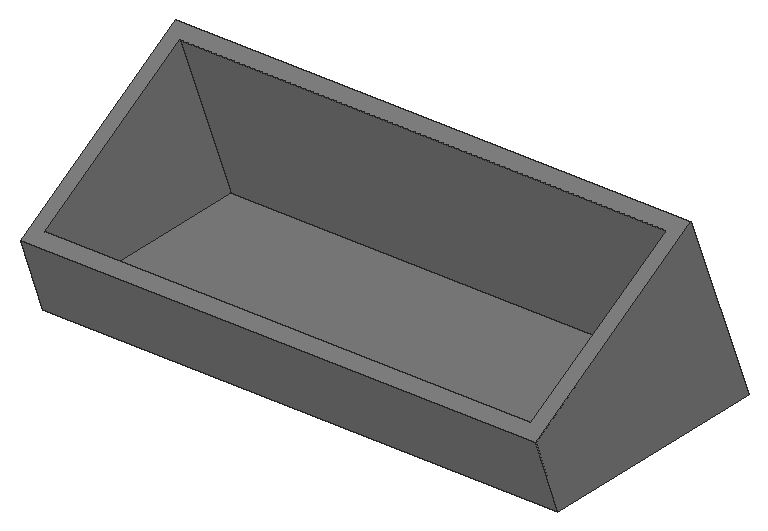
Revit family "Domotics-DomesticRanges-GEWISS-CHORUS_CONTAINER_INSTRUMENT_BLACK", category Apparecchi elettrici, Revit 2016
Family settings
  Mantenere orientamento annotazione = No
  Tipo di parte = Normale
  Quota connettore circolare = Usa diametro
  Basato su piano di lavoro = No
  Sempre verticale = Sì
  Taglio con vuoti quando caricato = No
  Condiviso = No
  Punto di calcolo locali = No
Parameters (values of type "GW16866 - Table plate 6P Black")
  Version file RFA = "18.0"
  URL = "https://www.gewiss.com/ww/en"
  Torque screws tightening = "0,8NM"
  Thermo-pressure with ball = "70 °C"
  Technical sheet = "https://www.gewiss.com/ww/en/search?q=GW16866"
  Support = "GW16806"
  Suitable for plates = "ONE"
  Standard; = "EN 60670-1"
  Standard = "EN 60670-1"
  SEO = "Panel"
  Realized by GEWISS S.p.A. = ""
  Produttore = "GEWISS S.p.A."
  Outer dim. LxHxD (mm) = "181x90x69"
  Modello = "GW16866"
  Materiale_ = GEWISS NERO
  Material = "Rectangular"
  Larghezza = 181 mm
  Immagine tipo = GW16864.jpg
  IFC.TypeObject = ""
  IFC.ExportType = ""
  IFC.ExportAs = ""
  IDT = "285ffd39-813f-4bf7-a378-0da872310e95"
  IDF = "44767252-c965-40fb-be1e-8c35ed1d6c89"
  Glow wire test: = "650 °C"
  Glow Wire Test = "650 °C"
  Electrocod = "0122"
  EAN code = "8011564279445"
  Descrizione = "TABLE AND WALL PLATE, 6-GANG, BLACK"
  Description: = "6 gang"
  Colour = "Black"
  Catalogue Range = "CHORUS - DOMESTIC RANGE"
  Catalogue = "DOMOTICS"
  COBie.Tagnumber = ""
  COBie.CreatedOn = ""
  COBie.CreatebBy = ""
  COBie.ComponentRegisterItemID = ""
  COBie.Component.TagNumber = ""
  COBie.Component.Space = ""
  COBie.Component.SerialNumber = ""
  COBie.Component.InstallationDate = ""
  COBie.Component.Description = ""
  COBie.Component.BarCode = ""
Types (2, lengths in mm): name | Technical sheet | Support | Outer dim. LxHxD (mm) | Modello | Larghezza | IDT | EAN code | Descrizione | Description:
  GW16864 - Table plate 4P Black | "https://www.gewiss.com/ww/en/search?q=GW16864" | "GW16804" | "140x90x69" | "GW16864" | 140 | "91a9bd12-b0c6-4be7-994f-ada0cb471015" | "8011564278103" | "TABLE AND WALL PLATE, 4-GANG, BLACK" | "4 gang"
  GW16866 - Table plate 6P Black | "https://www.gewiss.com/ww/en/search?q=GW16866" | "GW16806" | "181x90x69" | "GW16866" | 181 | "285ffd39-813f-4bf7-a378-0da872310e95" | "8011564279445" | "TABLE AND WALL PLATE, 6-GANG, BLACK" | "6 gang"
Reference planes
  plane 1 "Centro (Fronte/Retro)": y = 0
  plane 2: z = 0
  plane 3 "Centro (Sinistra/Destra)": x = 0
  plane 4: y = 50
  plane 5: y = -50
  plane 6: x = -90.5
  plane 7: x = 90.5
  plane 8: y = -40
  plane 9: z = 67
  plane 10: through (0, -28.82, 1.792) normal (0, 0.9336, 0.3584)
  plane 11: z = 5
  plane 12: through (0, 20.134, 63.852) normal (0, -0.9336, -0.3584)
  plane 13: x = -85.5
  plane 14: x = 85.5
Forms (mm)
  Sweep 1, solid, material "GEWISS NERO" <- "Materiale_"
    path in 3D
      loop
        line (0, 0, 59.924) -> (0, 30.527, -19.603)
    profile origin (0, 15.264, 20.161) x (0, 0.93358, 0.358368) y (1, 0, 0)
      loop
        line (-52.738, 90.5) -> (-52.738, -90.5) -> (25.204, -90.5) -> (25.204, 90.5) -> (-52.738, 90.5)
  Extrusion 2, void
    sketch origin (0, 0, 0) x (0, 1, 0) y (0, 0, 1)
      loop
        line (36.25, 72.253) -> (21.25, 98.234) -> (-87.441, 35.481) -> (-72.441, 9.5) -> (36.25, 72.253)
    from -187.573 to 250
  Extrusion 3, void
    sketch origin (0, 0, 0) x (1, 0, 0) y (0, 1, 0)
      loop
        line (-90.5, 85) -> (-90.5, -70) -> (90.5, -70) -> (90.5, 85) -> (-90.5, 85)
    from -119.131 to 0
  Extrusion 4, void
    sketch origin (0, 0, 0) x (0, 1, 0) y (0, 0, 1)
      loop
        line (18.925, 67) -> (-53.851, 67) -> (-30.051, 5) -> (42.725, 5) -> (18.925, 67)
    from -85.5 to 85.5
Cuts and joins
  Extrusion 2, Extrusion 3, Extrusion 4 cuts Sweep 1
Lines and regions (mm)
  sketch lines
    curve 1: line (0, 0, 59.924) -> (0, 30.527, -19.603)
Dimensions and locks
  equal spacing: plane 4, plane 1 "Centro (Fronte/Retro)", plane 5
  plane 4 to plane 1 "Centro (Fronte/Retro)" = 50 mm
  equal spacing: plane 6, plane 3 "Centro (Sinistra/Destra)", plane 7
  locked: plane 8 to plane 5 at 10
  locked: plane 9 to level at 67
  plane 11 to level = 5 mm
  locked: plane 6 to plane 13 at 5
  locked: plane 14 to plane 7 at 5
  "Larghezza": plane 6 to plane 7
  aligned and locked: level to plane 2
  aligned and locked: level to Extrusion 3
  aligned and locked: Sweep 1 sketch curve to plane 6
  aligned and locked: plane 7 to Sweep 1 sketch curve
  aligned and locked: Extrusion 4 to plane 13
  aligned and locked: plane 14 to Extrusion 4
Automatic sketch dimensions
  Extrusion 3 sketch curve to plane 6 = 0 mm
  Extrusion 3 sketch curve to plane 7 = 0 mm
  plane 5 to Extrusion 3 sketch curve = 20 mm
  Extrusion 3 sketch curve to plane 4 = 35 mm
  plane 5 to Extrusion 2 sketch curve = 37.441 mm
  level to Extrusion 2 sketch curve = 9.5 mm
  Extrusion 2 sketch curve to Extrusion 2 sketch curve = 15 mm
  Extrusion 2 sketch curve to plane 1 "Centro (Fronte/Retro)" = 21.25 mm
  Extrusion 2 sketch curve to Extrusion 2 sketch curve = 25.981 mm
  Extrusion 4 sketch curve to plane 9 = 0 mm
  Extrusion 4 sketch curve to plane 10 = 0 mm  (x2)
  Extrusion 4 sketch curve to plane 11 = 0 mm
  Extrusion 4 sketch curve to plane 12 = 0 mm
  plane 12 to Extrusion 4 sketch curve = 0 mm
  profile plane to Sweep 1 sketch curve = 52.738 mm
  Sweep 1 sketch curve to profile plane = 25.204 mm
